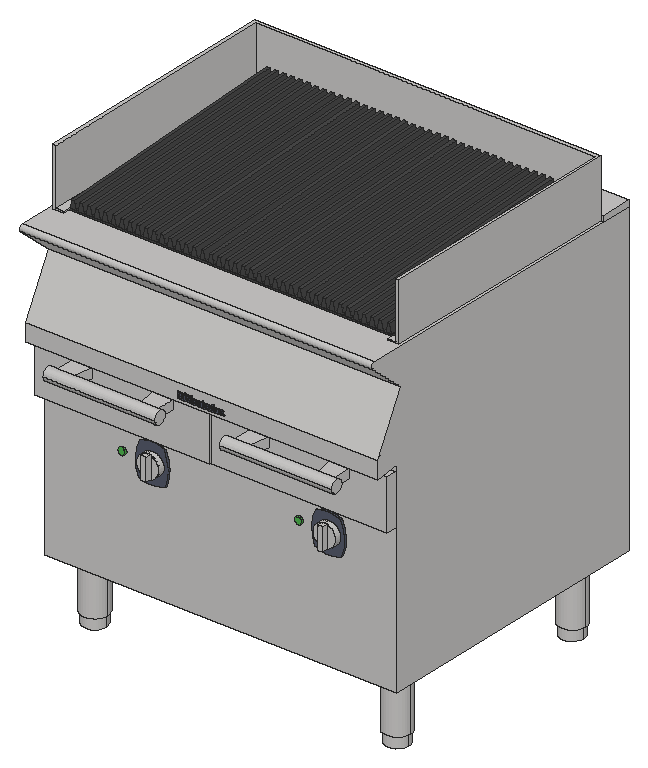
Revit family "QF_ELECTROLUXPROFESSIONAL_371238_E7GRGHGCFU", category Specialty Equipment, Revit 2018
Family settings
  Round Connector Dimension = Use Diameter
  Part Type = Normal
  Work Plane-Based = No
  Always vertical = Yes
  Cut with Voids When Loaded = No
  Shared = No
  Room Calculation Point = No
Parameters
  Width = 800.1 mm  # constant formula
  Weight in Pounds = 165  # constant formula
  Watts = 0 W
  URL Cutsheet = "www.electrolux.com/foodservice"
  URL = "www.electrolux.com/foodservice"
  Type Mark [instance] = ""
  Status [instance] = ""
  Specification by User [instance] = ""
  Specification by Manufacturer = ""
  Show Logo [instance] = yes
  Show Clearance [instance] = yes
  Serial Number = ""
  Seismic Rating = ""
  SMACNA No = ""
  Revision Code [instance] = ""
  Omniclass Number and Title = ""
  NAFEM Spec ID Number = ""
  Model = "371047"
  Mechanical Remarks = ""
  Mechanical Connection Type = ""
  Masterspec = ""
  Manufacturer = "ELECTROLUX"
  Item Number [instance] = ""
  Installed By [instance] = ""
  Identify Quantity as Lot [instance] = yes
  Height = 333.375 mm  # constant formula
  HP = "0 HP"
  Gas Size = 12.7 mm  # 1/2"
  Gas RI Height [instance] = 0 mm
  Gas KW = 16  # constant formula
  Gas Input [instance] = 15985.3 VA  # 54544.0 Btu/h
  Gas Connection Height = 0 mm
  Furnished By [instance] = ""
  Foodservice Equipment Identifier [instance] = yes
  Direct Waste Size = 0"
  Description = "700XP Full Module Freestanding Gas Char-Grill"
  Depth = 730.25 mm  # constant formula
  CSI MasterFormat = ""
  CSI Master Format = ""
  Base Height [instance] = 150 mm  # constant formula
  Assembly Code = ""
Reference planes
  plane 1 "BACK": y = 0
  plane 2: z = 0
  plane 3 "LEFT": x = 0
  plane 4 "RIGHT": x = 800.1
  plane 5 "FRONT": y = -730.25
  plane 6 "TOP": z = 982
  plane 7 "Center Y": x = 400.05
  plane 8 "Center X": y = -365.125
  plane 9 "BASE": z = 601
  plane 10 "TOP A": z = 851
  plane 11: y = -587.387
  plane 12: y = -90
  plane 13: z = 150
  plane 14: y = -754.062
Forms (mm)
  Extrusion 1, solid, material "QF_Finishes_Stainless Steel"
    sketch origin (0, 0, 0) x (0, 1, 0) y (0, 0, 1)
      loop
        line (0, 851) -> (-722.928, 851)
        arc (-722.928, 851) -> (-729.69, 846.314) -> (-727.679, 838.336) r 7.223
        line (-727.679, 838.336) -> (-646.919, 767.809) -> (-713.772, 646.19) -> (-713.772, 608.09) -> (-660.4, 613.7) -> (-660.4, 150) -> (0, 150) -> (0, 851)
    from 0 to 800.1
  Extrusion 2, solid, material "QF_Finishes_Clearance", visible <- "Show Clearance", detail levels coarse
    sketch origin (0, 0, 0) x (1, 0, 0) y (0, 1, 0)
      loop
        line (0, -730.25) -> (0, 0) -> (800.1, 0) -> (800.1, -730.25) -> (950.119, -730.25) -> (950.119, 150.019) -> (-150.019, 150.019) -> (-150.019, -730.25) -> (0, -730.25)
    from 0 to 982
  Revolve 3, solid, material "QF_Finishes_Stainless Steel"
    sketch origin (0, -587.387, 608.09) x (0, 0, 1) y (-1, 0, 0)
      loop
        line (-608.09, -56) -> (-458.09, -56) -> (-458.09, -26) -> (-583.09, -26) -> (-583.09, -29.75) -> (-608.09, -29.75) -> (-608.09, -56)
      axis (-608.09, -56) -> (-458.09, -56)
    angle from 0 to 360
  Revolve 4, solid, material "QF_Finishes_Stainless Steel"
    sketch origin (400.05, -587.387, 608.09) x (0, 0, 1) y (-1, 0, 0)
      loop
        line (-608.09, -344.05) -> (-608.09, -370.3) -> (-583.09, -370.3) -> (-583.09, -374.05) -> (-458.09, -374.05) -> (-458.09, -344.05) -> (-608.09, -344.05)
      axis (-608.09, -344.05) -> (-458.09, -344.05)
    angle from 0 to 360
  Revolve 5, solid, material "QF_Finishes_Stainless Steel"
    sketch origin (0, -90, 608.09) x (0, 0, 1) y (-1, 0, 0)
      loop
        line (-608.09, -56) -> (-458.09, -56) -> (-458.09, -26) -> (-583.09, -26) -> (-583.09, -29.75) -> (-608.09, -29.75) -> (-608.09, -56)
      axis (-608.09, -56) -> (-458.09, -56)
    angle from 0 to 360
  Revolve 6, solid, material "QF_Finishes_Stainless Steel"
    sketch origin (400.05, -90, 608.09) x (0, 0, 1) y (-1, 0, 0)
      loop
        line (-608.09, -344.05) -> (-608.09, -370.3) -> (-583.09, -370.3) -> (-583.09, -374.05) -> (-458.09, -374.05) -> (-458.09, -344.05) -> (-608.09, -344.05)
      axis (-608.09, -344.05) -> (-458.09, -344.05)
    angle from 0 to 360
  Extrusion 7, solid, material "QF_Finishes_Stainless Steel"
    sketch origin (-77.88, -4572, 150) x (-1, 0, 0) y (0, -1, 0)
      loop
        circle (-835.117, -4105.275) r 6.35
    from 3.2 to 0
  Extrusion 8, solid, material "QF_Finishes_Navy Blue"
    sketch origin (287.375, -660.4, 355.674) x (0, 0, 1) y (-1, 0, 0)
      loop
        arc (105.947, -332.692) -> (68.865, -323.711) -> (31.333, -330.573) r 91.844
        arc (31.333, -330.573) -> (24.206, -361.215) -> (31.333, -391.858) r 69.441
        arc (31.333, -391.858) -> (68.854, -398.569) -> (105.947, -389.79) r 93.759
        arc (105.947, -389.79) -> (112.176, -361.241) -> (105.947, -332.692) r 68.543
    from 0 to 3.175
  Extrusion 9, solid, material "QF_Finishes_Stainless Steel"
    sketch origin (488.625, -663.575, 355.674) x (0, 0, 1) y (-1, 0, 0)
      loop
        circle (68.826, -160.963) r 25.4
    from 0 to 12.7
  Extrusion 10, solid, material "QF_Finishes_Stainless Steel"
    sketch origin (488.625, -676.275, 355.674) x (0, 0, 1) y (-1, 0, 0)
      loop
        arc (93.558, -166.749) -> (94.226, -160.963) -> (93.558, -155.177) r 25.4
        line (93.558, -155.177) -> (44.094, -155.177)
        arc (44.094, -155.177) -> (43.426, -160.963) -> (44.094, -166.749) r 25.4
        line (44.094, -166.749) -> (93.558, -166.749)
    from 0 to 12.7
  Extrusion 11, solid, material "QF_Finishes_Stainless Steel"
    sketch origin (-77.88, -4572, 150) x (-1, 0, 0) y (0, -1, 0)
      loop
        circle (-812.98, -4071) r 6.35
    from 50 to 48.4
  Extrusion 12, solid, material "QF_Finishes_Stainless Steel"
    sketch origin (199.231, 0, -2.5) x (0, 1, 0) y (0, 0, 1)
      loop
        circle (-740.063, 582.209) r 14
    from -127 to 127
  Extrusion 13, solid, material "QF_Finishes_Stainless Steel"
    sketch origin (-23.75, 0, 567.009) x (-1, 0, 0) y (0, -1, 0)
      loop
        line (-109.731, 741.563) -> (-143.724, 741.563) -> (-153.724, 687.387) -> (-109.731, 687.387) -> (-109.731, 741.563)
      loop
        line (-336.231, 741.563) -> (-336.231, 687.387) -> (-292.238, 687.387) -> (-302.238, 741.563) -> (-336.231, 741.563)
      loop
        line (-737.869, 741.563) -> (-737.869, 687.387) -> (-693.876, 687.387) -> (-703.876, 741.563) -> (-737.869, 741.563)
      loop
        line (-511.369, 741.563) -> (-545.362, 741.563) -> (-555.362, 687.387) -> (-511.369, 687.387) -> (-511.369, 741.563)
    from 0 to 21.491
  Extrusion 14, solid, material "QF_Finishes_Green"
    sketch origin (212.375, -660.4, 355.674) x (0, 0, 1) y (-1, 0, 0)
      loop
        circle (69.533, -367.513) r 8
    from 0 to 3.175
  Sweep 15, solid, material "QF_Finishes_Stainless Steel"
    path origin (0, 0, 851) x (0, -1, 0) y (1, 0, 0)
      loop
        line (644.885, 787.4) -> (76.2, 787.4) -> (76.2, 12.7) -> (644.885, 12.7)
    profile origin (12.7, -360.542, 851) x (1, 0, 0) y (0, 0, 1)
      loop
        line (-6.35, 0) -> (19.05, 0) -> (19.05, 3.2) -> (0, 3.2) -> (0, 131) -> (-6.35, 131) -> (-6.35, 0)
  Extrusion 16, solid, material "QF_Finishes_Black"
    sketch origin (400.05, 0, 0) x (0, 1, 0) y (0, 0, 1)
      loop
        line (-629.41, 851) -> (-76.2, 851) -> (-76.2, 883.24) -> (-629.41, 854.99) -> (-629.41, 851)
    from -368.3 to 368.3
  Extrusion 17, solid, material "QF_Finishes_Stainless Steel"
    sketch origin (0, 0, 851) x (0, -1, 0) y (1, 0, 0)
      loop
        line (69.85, 0) -> (69.85, 800.1) -> (0, 800.1) -> (0, 0) -> (69.85, 0)
    from 0 to 12.5
  Extrusion 18, solid, material "QF_Finishes_Drawer Clearance", visible <- "Show Clearance", detail levels coarse
    sketch origin (0, -687.387, 601) x (0, 0, 1) y (-1, 0, 0)
      loop
        line (-113.268, -800.1) -> (0, -800.1) -> (0, 0) -> (-113.268, 0) -> (-113.268, -800.1)
    from 0 to 676.275
  Extrusion 19, solid, material "QF_Finishes_Navy Blue", visible <- "Show Logo"
    sketch origin (59.194, -713.772, 608.09) x (0, 0, 1) y (-1, 0, 0)
      loop
        line (20.674, -296.698) -> (8.307, -296.698)
        arc (8.307, -296.698) -> (14.491, -301.27) -> (20.674, -296.698) r 6.467
      loop
        arc (20.674, -296.069) -> (19.505, -290.926) -> (14.849, -288.448) r 6.338
        line (14.849, -288.448) -> (14.849, -290.494)
        arc (14.849, -290.494) -> (16.333, -294.149) -> (19.778, -296.069) r 5.941
        line (19.778, -296.069) -> (20.674, -296.069)
      loop
        arc (9.203, -296.069) -> (12.648, -294.149) -> (14.132, -290.494) r 5.941
        line (14.132, -290.494) -> (14.132, -288.448)
        arc (14.132, -288.448) -> (9.438, -290.922) -> (8.148, -296.069) r 6.504
        line (8.148, -296.069) -> (9.203, -296.069)
      loop
        line (21.349, -287.979) -> (7.604, -287.979) -> (7.604, -301.742) -> (21.349, -301.742) -> (21.349, -287.979)
      loop
        arc (21.432, -304.71) -> (21.085, -304.352) -> (20.718, -304.69) r 0.358
        arc (20.718, -304.69) -> (20.404, -305.44) -> (19.687, -305.825) r 1.216
        line (19.687, -305.825) -> (9.274, -305.825)
        arc (9.274, -305.825) -> (8.614, -305.548) -> (8.218, -304.951) r 1.238
        arc (8.218, -304.951) -> (7.823, -304.7) -> (7.518, -305.054) r 0.358
        line (7.518, -305.054) -> (7.518, -314.933) -> (10.269, -314.933) -> (10.269, -314.036)
        arc (10.269, -314.036) -> (9.36, -313.456) -> (8.904, -312.479) r 1.928
        line (8.904, -312.479) -> (8.904, -309.98)
        arc (8.904, -309.98) -> (9.18, -309.251) -> (9.868, -308.887) r 1.101
        line (9.868, -308.887) -> (13.955, -308.887) -> (13.955, -312.561)
        arc (13.955, -312.561) -> (13.602, -313.058) -> (13.037, -313.286) r 1.083
        arc (13.037, -313.286) -> (12.773, -313.591) -> (13.065, -313.869) r 0.292
        line (13.065, -313.869) -> (16.028, -313.869)
        arc (16.028, -313.869) -> (16.33, -313.596) -> (16.092, -313.266) r 0.305
        arc (16.092, -313.266) -> (15.601, -313.018) -> (15.296, -312.561) r 1.083
        line (15.296, -312.561) -> (15.296, -308.887) -> (19.973, -308.887) -> (19.973, -312.635)
        arc (19.973, -312.635) -> (19.759, -313.39) -> (19.153, -313.888) r 1.314
        arc (19.153, -313.888) -> (18.934, -314.292) -> (19.288, -314.585) r 0.361
        line (19.288, -314.585) -> (21.432, -314.585) -> (21.432, -304.71)
      loop
        arc (20.715, -315.365) -> (20.335, -316.284) -> (19.416, -316.664) r 1.299
        line (19.416, -316.664) -> (9.837, -316.664)
        arc (9.837, -316.664) -> (8.999, -316.286) -> (8.728, -315.408) r 1.118
        line (8.728, -315.408) -> (7.518, -315.408) -> (7.518, -320.758) -> (8.706, -320.758)
        arc (8.706, -320.758) -> (8.978, -319.841) -> (9.848, -319.445) r 1.153
        line (9.848, -319.445) -> (21.92, -319.445) -> (20.715, -315.365)
      loop
        line (12.483, -323.394) -> (12.483, -329.842) -> (13.282, -329.842)
        arc (13.282, -329.842) -> (15.862, -328.857) -> (17.131, -326.404) r 3.874
        line (17.131, -326.404) -> (17.131, -324.643)
        arc (17.131, -324.643) -> (15.944, -321.778) -> (13.08, -320.592) r 4.051
        line (13.08, -320.592) -> (11.072, -320.592)
        arc (11.072, -320.592) -> (8.253, -322.077) -> (7.202, -325.084) r 4.352
        arc (7.202, -325.084) -> (7.566, -327.547) -> (8.943, -329.621) r 5.713
        line (8.943, -329.621) -> (9.892, -329.621)
        arc (9.892, -329.621) -> (9.16, -328.052) -> (8.943, -326.334) r 5.579
        arc (8.943, -326.334) -> (9.737, -324.371) -> (11.616, -323.394) r 3.057
        line (11.616, -323.394) -> (12.483, -323.394)
      loop
        line (13.742, -323.394) -> (13.742, -326.977)
        arc (13.742, -326.977) -> (15.199, -327.024) -> (16.082, -325.864) r 1.59
        line (16.082, -325.864) -> (16.082, -325.034)
        arc (16.082, -325.034) -> (15.217, -323.779) -> (13.742, -323.394) r 2.184
      loop
        arc (16.533, -339.259) -> (17.022, -337.585) -> (17.179, -335.848) r 9.023
        line (17.179, -335.848) -> (17.179, -334.486)
        arc (17.179, -334.486) -> (16.02, -331.686) -> (13.22, -330.527) r 3.959
        line (13.22, -330.527) -> (10.62, -330.527)
        arc (10.62, -330.527) -> (8.338, -331.819) -> (7.221, -334.192) r 4.331
        line (7.221, -334.192) -> (7.221, -336.327)
        arc (7.221, -336.327) -> (7.729, -337.877) -> (8.651, -339.223) r 5.772
        arc (8.651, -339.223) -> (9.412, -339.274) -> (9.499, -338.515) r 0.553
        arc (9.499, -338.515) -> (9.111, -337.781) -> (8.977, -336.962) r 2.573
        line (8.977, -336.962) -> (8.977, -335.447)
        arc (8.977, -335.447) -> (9.983, -333.806) -> (11.798, -333.163) r 2.884
        line (11.798, -333.163) -> (13.077, -333.163)
        arc (13.077, -333.163) -> (14.898, -333.723) -> (15.824, -335.388) r 2.554
        line (15.824, -335.388) -> (15.824, -336.441)
        arc (15.824, -336.441) -> (15.493, -337.369) -> (14.836, -338.104) r 2.564
        arc (14.836, -338.104) -> (14.614, -338.821) -> (15.223, -339.259) r 0.643
        line (15.223, -339.259) -> (16.533, -339.259)
      loop
        line (15.515, -339.53) -> (15.515, -341.031) -> (9.467, -341.031)
        arc (9.467, -341.031) -> (7.879, -341.688) -> (7.221, -343.276) r 2.246
        line (7.221, -343.276) -> (7.221, -344.86)
        arc (7.221, -344.86) -> (7.535, -345.725) -> (8.035, -346.496) r 4.06
        arc (8.035, -346.496) -> (8.768, -346.629) -> (9.019, -345.928) r 0.576
        arc (9.019, -345.928) -> (8.913, -345.403) -> (8.977, -344.87) r 1.69
        arc (8.977, -344.87) -> (9.519, -344.082) -> (10.425, -343.779) r 1.506
        line (10.425, -343.779) -> (15.563, -343.779) -> (15.563, -346.176) -> (16.119, -346.733) -> (16.941, -346.733) -> (16.941, -343.873) -> (20.172, -343.873) -> (15.515, -339.53)
      loop
        line (7.438, -347.63) -> (7.438, -353.017) -> (8.548, -353.017)
        arc (8.548, -353.017) -> (8.942, -352.066) -> (9.893, -351.672) r 1.345
        line (9.893, -351.672) -> (13.509, -351.672)
        arc (13.509, -351.672) -> (14.274, -352.264) -> (14.564, -353.186) r 1.615
        line (14.564, -353.186) -> (14.564, -354.742) -> (17.119, -355.427) -> (17.119, -354.044) -> (15.177, -351.485) -> (17.057, -351.485) -> (16.773, -348.779)
        arc (16.773, -348.779) -> (16.333, -348.249) -> (15.674, -348.45) r 0.621
        arc (15.674, -348.45) -> (15.274, -348.792) -> (14.78, -348.975) r 1.501
        line (14.78, -348.975) -> (9.893, -348.975)
        arc (9.893, -348.975) -> (8.942, -348.581) -> (8.548, -347.63) r 1.345
        line (8.548, -347.63) -> (7.438, -347.63)
      loop
        line (13.54, -354.964) -> (10.848, -354.964)
        arc (10.848, -354.964) -> (8.403, -356.272) -> (7.269, -358.803) r 4.288
        arc (7.269, -358.803) -> (7.205, -360.183) -> (7.269, -361.563) r 15.022
        arc (7.269, -361.563) -> (8.403, -364.094) -> (10.848, -365.401) r 4.288
        line (10.848, -365.401) -> (13.54, -365.401)
        arc (13.54, -365.401) -> (15.986, -364.094) -> (17.119, -361.563) r 4.288
        arc (17.119, -361.563) -> (17.183, -360.183) -> (17.119, -358.803) r 15.022
        arc (17.119, -358.803) -> (15.986, -356.272) -> (13.54, -354.964) r 4.288
      loop
        line (13.745, -358.078) -> (10.643, -358.078)
        arc (10.643, -358.078) -> (8.486, -360.235) -> (10.643, -362.392) r 2.157
        line (10.643, -362.392) -> (13.745, -362.392)
        arc (13.745, -362.392) -> (15.902, -360.235) -> (13.745, -358.078) r 2.157
      loop
        arc (20.726, -365.26) -> (20.355, -366.154) -> (19.461, -366.524) r 1.264
        line (19.461, -366.524) -> (9.597, -366.524)
        arc (9.597, -366.524) -> (8.727, -366.127) -> (8.455, -365.211) r 1.153
        line (8.455, -365.211) -> (7.518, -365.211) -> (7.518, -370.319) -> (8.446, -370.319)
        arc (8.446, -370.319) -> (8.805, -369.547) -> (9.597, -369.232) r 1.153
        line (9.597, -369.232) -> (21.92, -369.232) -> (20.726, -365.26)
      loop
        arc (15.846, -369.857) -> (15.647, -370.921) -> (14.678, -371.403) r 1.215
        line (14.678, -371.403) -> (9.658, -371.403)
        arc (9.658, -371.403) -> (8.043, -372.051) -> (7.322, -373.634) r 2.338
        line (7.322, -373.634) -> (7.322, -375.148)
        arc (7.322, -375.148) -> (7.497, -376.152) -> (7.999, -377.038) r 2.979
        line (7.999, -377.038) -> (7.518, -378.835) -> (7.518, -380.524) -> (16.943, -380.524) -> (16.649, -376.32) -> (15.863, -376.32)
        arc (15.863, -376.32) -> (15.507, -377.156) -> (14.755, -377.665) r 1.605
        line (14.755, -377.665) -> (9.652, -377.665)
        arc (9.652, -377.665) -> (9.232, -376.728) -> (9.159, -375.704) r 2.94
        arc (9.159, -375.704) -> (9.72, -374.603) -> (10.873, -374.16) r 1.724
        line (10.873, -374.16) -> (17.07, -374.16) -> (15.846, -369.857)
      loop
        line (16.874, -381.377) -> (15.202, -383.423) -> (12.028, -385.729) -> (8.572, -382.617)
        arc (8.572, -382.617) -> (8.335, -382.223) -> (8.357, -381.764) r 0.789
        line (8.357, -381.764) -> (7.518, -381.764) -> (7.518, -385.309) -> (8.344, -385.309)
        arc (8.344, -385.309) -> (8.686, -384.947) -> (9.176, -385.039) r 0.52
        line (9.176, -385.039) -> (10.976, -386.51) -> (8.858, -387.886)
        arc (8.858, -387.886) -> (8.457, -387.576) -> (8.37, -387.076) r 0.7
        line (8.37, -387.076) -> (7.518, -387.076) -> (7.518, -393.003) -> (8.405, -393.003)
        arc (8.405, -393.003) -> (8.472, -392.344) -> (8.866, -391.813) r 1.247
        line (8.866, -391.813) -> (13.066, -388.532) -> (15.513, -390.585) -> (16.874, -392.327) -> (16.874, -388.604) -> (15.389, -389.026) -> (13.868, -387.749) -> (15.568, -386.559) -> (16.874, -387.336) -> (16.874, -381.377)
    from 0 to 1.644
  Extrusion 20, solid, material "QF_Finishes_Stainless Steel"
    sketch origin (0, -660.4, 601) x (0, 0, 1) y (-1, 0, 0)
      loop
        line (0, -398.462) -> (0, 0) -> (-113.268, 0) -> (-113.268, -398.462) -> (0, -398.462)
      loop
        line (0, -401.638) -> (-113.268, -401.638) -> (-113.268, -800.1) -> (0, -800.1) -> (0, -401.638)
    from 1.588 to 26.988
  Extrusion 21, solid, material "QF_Finishes_Stainless Steel"
    sketch origin (600.869, 0, -2.5) x (0, 1, 0) y (0, 0, -1)
      loop
        circle (-740.063, -582.209) r 14
    from -127 to 127
  Extrusion 22, solid, material "QF_Finishes_Navy Blue"
    sketch origin (-114.262, -660.4, 355.674) x (0, 0, 1) y (-1, 0, 0)
      loop
        arc (105.947, -332.692) -> (68.865, -323.711) -> (31.333, -330.573) r 91.844
        arc (31.333, -330.573) -> (24.206, -361.215) -> (31.333, -391.858) r 69.441
        arc (31.333, -391.858) -> (68.854, -398.569) -> (105.947, -389.79) r 93.759
        arc (105.947, -389.79) -> (112.176, -361.241) -> (105.947, -332.692) r 68.543
    from 0 to 3.175
  Extrusion 23, solid, material "QF_Finishes_Stainless Steel"
    sketch origin (86.988, -663.575, 355.674) x (0, 0, 1) y (-1, 0, 0)
      loop
        circle (68.826, -160.963) r 25.4
    from 0 to 12.7
  Extrusion 24, solid, material "QF_Finishes_Stainless Steel"
    sketch origin (86.988, -676.275, 355.674) x (0, 0, 1) y (-1, 0, 0)
      loop
        arc (93.558, -166.749) -> (94.226, -160.963) -> (93.558, -155.177) r 25.4
        line (93.558, -155.177) -> (44.094, -155.177)
        arc (44.094, -155.177) -> (43.426, -160.963) -> (44.094, -166.749) r 25.4
        line (44.094, -166.749) -> (93.558, -166.749)
    from 0 to 12.7
  Extrusion 25, solid, material "QF_Finishes_Green"
    sketch origin (-189.262, -660.4, 355.674) x (0, 0, 1) y (-1, 0, 0)
      loop
        circle (69.533, -367.513) r 8
    from 0 to 3.175
Cuts and joins
  joined: Extrusion 12, Extrusion 13, Extrusion 21
Lines and regions (mm)
  symbolic lines, style "QF-Clearances", visible <- "Show Clearance", detail levels coarse
    curve 1: line (-150.019, 150.019, 851) -> (-150.019, -731.627, 851)
    curve 2: line (950.119, 150.019, 851) -> (-150.019, 150.019, 851)
    curve 3: line (950.119, -731.627, 851) -> (950.119, 150.019, 851)
  symbolic lines
    curve 4: line (0, 0, 851) -> (800.1, 0, 851)
    curve 5: line (0, -730.25, 851) -> (0, 0, 851)
    curve 6: line (800.1, 0, 851) -> (800.1, -730.25, 851)
    curve 7: line (0, -69.85, 851) -> (0, -63.012, 851)
    curve 8: line (800.1, -730.25, 851) -> (0, -730.25, 851)
    curve 9: line (0, -69.85, 851) -> (800.1, -69.85, 851)
    curve 20: line (31.75, -644.885, 851) -> (31.75, -76.2, 851)
    curve 21: line (768.35, -76.2, 851) -> (768.35, -644.885, 851)
    curve 22: line (72.231, -754.063, 851) -> (326.231, -754.063, 851)
    curve 23: line (72.231, -730.25, 851) -> (72.231, -754.063, 851)
    curve 24: line (326.231, -754.063, 851) -> (326.231, -730.25, 851)
    curve 25: line (31.75, -629.41, 851) -> (768.35, -629.41, 851)
    curve 26: line (727.869, -754.063, 851) -> (473.869, -754.063, 851)
    curve 27: line (727.869, -730.25, 851) -> (727.869, -754.063, 851)
    curve 28: line (473.869, -754.063, 851) -> (473.869, -730.25, 851)
  symbolic lines, style "QF_Drawer Clearance"
    curve 10: line (0, -730.25, 851) -> (0, -1363.662, 851)
    curve 11: line (0, -1363.662, 851) -> (800.1, -1363.662, 851)
    curve 12: line (800.1, -1363.662, 851) -> (800.1, -730.25, 851)
  symbolic lines, style "SpecialityEquipment"
    curve 13: line (6.35, -69.85, 851) -> (6.35, -644.885, 851)
    curve 14: line (6.35, -644.885, 851) -> (31.75, -644.885, 851)
    curve 15: line (12.7, -644.885, 851) -> (12.7, -76.2, 851)
    curve 16: line (12.7, -76.2, 851) -> (787.4, -76.2, 851)
    curve 17: line (787.4, -76.2, 851) -> (787.4, -644.885, 851)
    curve 18: line (768.35, -644.885, 851) -> (793.75, -644.885, 851)
    curve 19: line (793.75, -644.885, 851) -> (793.75, -69.85, 851)
Dimensions and locks
  equal spacing: plane 3 "LEFT", plane 7 "Center Y", plane 4 "RIGHT"
  "Width": plane 3 "LEFT" to plane 4 "RIGHT"
  equal spacing: plane 5 "FRONT", plane 8 "Center X", plane 1 "BACK"
  "Depth": plane 5 "FRONT" to plane 1 "BACK"
  plane 1 "BACK" to plane 5 "FRONT" = 730.25 mm
  locked: plane 10 "TOP A" to plane 9 "BASE" at 250
  "Base Height": plane 13 to level
  Extrusion 7 sketch curve to plane 1 "BACK" = 466.725 mm
  Extrusion 7 sketch curve to plane 4 "RIGHT" = 42.862 mm
  plane 6 "TOP" to level = 982 mm
  plane 1 "BACK" to plane 14 = 754.063 mm
  equal spacing: group 1, group 3, group 4, group 5, group 6, group 7, group 8, group 9, group 10, group 11, group 12, group 13, group 14, group 15, group 16, group 17, group 18, group 19, group 20, group 21, group 22, group 23, group 24, group 25, group 26, group 27, group 28, group 29, group 30, group 31, group 32, group 33, group 34, group 35, group 36, group 37, group 38, group 39, group 40, group 2  (x3)
  aligned and locked: level to plane 2
  aligned and locked: plane 4 "RIGHT" to Extrusion 1
  aligned and locked: plane 6 "TOP" to Extrusion 2
Automatic sketch dimensions
  Revolve 3 sketch curve to level = 0 mm
  Revolve 3 sketch curve to plane 13 = 0 mm  (x2)
  level to Revolve 3 sketch curve = 25 mm
  Revolve 3 sketch curve to Revolve 3 sketch curve = 20 mm
  plane 3 "LEFT" to Revolve 3 sketch curve = 56 mm
  Revolve 3 sketch curve to Revolve 3 sketch curve = 0 mm
  plane 3 "LEFT" to Revolve 3 sketch curve = 29.75 mm
  plane 3 "LEFT" to Revolve 3 sketch curve = 26 mm
  Revolve 5 sketch curve to level = 0 mm
  Revolve 5 sketch curve to plane 13 = 0 mm  (x2)
  level to Revolve 5 sketch curve = 25 mm
  Revolve 5 sketch curve to Revolve 5 sketch curve = 20 mm
  plane 3 "LEFT" to Revolve 5 sketch curve = 56 mm
  Revolve 5 sketch curve to Revolve 5 sketch curve = 0 mm
  plane 3 "LEFT" to Revolve 5 sketch curve = 29.75 mm
  plane 3 "LEFT" to Revolve 5 sketch curve = 26 mm
  Extrusion 10 sketch curve to Extrusion 10 sketch curve = 24.732 mm
  Extrusion 10 sketch curve to Extrusion 10 sketch curve = 0 mm
  plane 5 "FRONT" to Extrusion 12 sketch curve = 9.813 mm
  Extrusion 12 sketch curve to plane 9 "BASE" = 21.291 mm
  Extrusion 14 sketch curve to plane 9 "BASE" = 175.792 mm
  plane 7 "Center Y" to Extrusion 14 sketch curve = 179.839 mm
  Extrusion 16 sketch curve to plane 10 "TOP A" = 0 mm
  plane 11 to Extrusion 16 sketch curve = 42.023 mm
  Extrusion 16 sketch curve to plane 12 = 13.8 mm
  Extrusion 16 sketch curve to Extrusion 16 sketch curve = 3.99 mm
  Extrusion 16 sketch curve to Extrusion 16 sketch curve = 32.24 mm
  plane 9 "BASE" to Extrusion 19 sketch curve = 9.251 mm
  plane 9 "BASE" to Extrusion 19 sketch curve = 14.292 mm
  plane 7 "Center Y" to Extrusion 19 sketch curve = 4.003 mm
  plane 9 "BASE" to Extrusion 19 sketch curve = 14.311 mm
  Extrusion 19 sketch curve to Extrusion 19 sketch curve = 0 mm  (x28)
  Extrusion 19 sketch curve to Extrusion 19 sketch curve = 5.108 mm  (x2)
  Extrusion 19 sketch curve to Extrusion 19 sketch curve = 0.054 mm
  Extrusion 19 sketch curve to Extrusion 19 sketch curve = 0.218 mm
  Extrusion 19 sketch curve to Extrusion 19 sketch curve = 0.195 mm
  Extrusion 19 sketch curve to Extrusion 19 sketch curve = 0.249 mm
  plane 9 "BASE" to Extrusion 19 sketch curve = 14.608 mm
  Extrusion 19 sketch curve to Extrusion 19 sketch curve = 0.087 mm
  Extrusion 19 sketch curve to Extrusion 19 sketch curve = 0.358 mm
  Extrusion 19 sketch curve to Extrusion 19 sketch curve = 0.481 mm
  Extrusion 19 sketch curve to Extrusion 19 sketch curve = 0.597 mm
  Extrusion 19 sketch curve to Extrusion 19 sketch curve = 0.544 mm
  Extrusion 19 sketch curve to Extrusion 19 sketch curve = 0.936 mm
  Extrusion 19 sketch curve to Extrusion 19 sketch curve = 0.594 mm
  Extrusion 19 sketch curve to Extrusion 19 sketch curve = 0.343 mm
  Extrusion 19 sketch curve to Extrusion 19 sketch curve = 0.159 mm
  Extrusion 19 sketch curve to Extrusion 19 sketch curve = 0.826 mm
  Extrusion 19 sketch curve to Extrusion 19 sketch curve = 0.839 mm
  Extrusion 19 sketch curve to Extrusion 19 sketch curve = 0.852 mm
  Extrusion 19 sketch curve to Extrusion 19 sketch curve = 0.887 mm
  Extrusion 19 sketch curve to Extrusion 19 sketch curve = 0.928 mm
  Extrusion 19 sketch curve to Extrusion 19 sketch curve = 0.938 mm
  Extrusion 19 sketch curve to Extrusion 19 sketch curve = 0.444 mm
  Extrusion 19 sketch curve to Extrusion 19 sketch curve = 1.11 mm  (x3)
  Extrusion 19 sketch curve to Extrusion 19 sketch curve = 0.215 mm
  Extrusion 19 sketch curve to plane 7 "Center Y" = 1.633 mm
  Extrusion 19 sketch curve to Extrusion 19 sketch curve = 1.43 mm
  Extrusion 19 sketch curve to Extrusion 19 sketch curve = 1.188 mm
  Extrusion 19 sketch curve to Extrusion 19 sketch curve = 1.21 mm  (x2)
  Extrusion 19 sketch curve to Extrusion 19 sketch curve = 0.503 mm
  Extrusion 19 sketch curve to Extrusion 19 sketch curve = 0.488 mm
  Extrusion 19 sketch curve to Extrusion 19 sketch curve = 0.462 mm
  Extrusion 19 sketch curve to Extrusion 19 sketch curve = 1.386 mm
  Extrusion 19 sketch curve to Extrusion 19 sketch curve = 1.742 mm  (x2)
  Extrusion 19 sketch curve to Extrusion 19 sketch curve = 0.821 mm
  Extrusion 19 sketch curve to Extrusion 19 sketch curve = 0.497 mm
  Extrusion 19 sketch curve to Extrusion 19 sketch curve = 0.539 mm
  Extrusion 19 sketch curve to Extrusion 19 sketch curve = 0.686 mm
  Extrusion 19 sketch curve to Extrusion 19 sketch curve = 0.408 mm
  Extrusion 19 sketch curve to Extrusion 19 sketch curve = 0.743 mm
  Extrusion 19 sketch curve to Extrusion 19 sketch curve = 1.16 mm
  Extrusion 19 sketch curve to Extrusion 19 sketch curve = 0.329 mm
  Extrusion 19 sketch curve to Extrusion 19 sketch curve = 1.054 mm
  Extrusion 19 sketch curve to Extrusion 19 sketch curve = 1.056 mm
  Extrusion 19 sketch curve to Extrusion 19 sketch curve = 0.129 mm
  Extrusion 19 sketch curve to Extrusion 19 sketch curve = 0.489 mm
  Extrusion 19 sketch curve to Extrusion 19 sketch curve = 0.441 mm
  Extrusion 19 sketch curve to Extrusion 19 sketch curve = 1.151 mm
  Extrusion 19 sketch curve to Extrusion 19 sketch curve = 1.141 mm  (x2)
  Extrusion 19 sketch curve to Extrusion 19 sketch curve = 0.768 mm
  Extrusion 19 sketch curve to Extrusion 19 sketch curve = 1.653 mm
  Extrusion 19 sketch curve to Extrusion 19 sketch curve = 0.499 mm
  Extrusion 19 sketch curve to Extrusion 19 sketch curve = 0.964 mm
  Extrusion 19 sketch curve to Extrusion 19 sketch curve = 0.949 mm
  Extrusion 19 sketch curve to Extrusion 19 sketch curve = 1.345 mm  (x2)
  Extrusion 19 sketch curve to Extrusion 19 sketch curve = 0.137 mm  (x2)
  Extrusion 19 sketch curve to Extrusion 19 sketch curve = 0.432 mm
  Extrusion 19 sketch curve to Extrusion 19 sketch curve = 1.142 mm
  Extrusion 19 sketch curve to Extrusion 19 sketch curve = 0.959 mm
  Extrusion 19 sketch curve to Extrusion 19 sketch curve = 0.176 mm
  Extrusion 19 sketch curve to Extrusion 19 sketch curve = 0.728 mm
  Extrusion 19 sketch curve to Extrusion 19 sketch curve = 3.375 mm  (x2)
  Extrusion 19 sketch curve to Extrusion 19 sketch curve = 1.905 mm
  Extrusion 19 sketch curve to Extrusion 19 sketch curve = 0.955 mm
  Extrusion 19 sketch curve to Extrusion 19 sketch curve = 1.251 mm
  Extrusion 19 sketch curve to Extrusion 19 sketch curve = 0.572 mm
  Extrusion 19 sketch curve to Extrusion 19 sketch curve = 1.92 mm
  Extrusion 19 sketch curve to Extrusion 19 sketch curve = 1.224 mm
  Extrusion 19 sketch curve to Extrusion 19 sketch curve = 0.745 mm
  Extrusion 19 sketch curve to Extrusion 19 sketch curve = 2.537 mm
  Extrusion 19 sketch curve to Extrusion 19 sketch curve = 0.896 mm  (x3)
  Extrusion 19 sketch curve to Extrusion 19 sketch curve = 0.036 mm
  Extrusion 19 sketch curve to Extrusion 19 sketch curve = 2.607 mm
  Extrusion 19 sketch curve to Extrusion 19 sketch curve = 0.066 mm
  Extrusion 19 sketch curve to Extrusion 19 sketch curve = 0.248 mm
  Extrusion 19 sketch curve to Extrusion 19 sketch curve = 0.449 mm
  Extrusion 19 sketch curve to Extrusion 19 sketch curve = 1.052 mm
  Extrusion 19 sketch curve to Extrusion 19 sketch curve = 1.863 mm
  Extrusion 19 sketch curve to Extrusion 19 sketch curve = 1.31 mm  (x2)
  Extrusion 19 sketch curve to Extrusion 19 sketch curve = 0.901 mm
  Extrusion 19 sketch curve to Extrusion 19 sketch curve = 1.107 mm
  Extrusion 19 sketch curve to Extrusion 19 sketch curve = 2.122 mm
  Extrusion 19 sketch curve to Extrusion 19 sketch curve = 2.101 mm
  Extrusion 19 sketch curve to Extrusion 19 sketch curve = 0.106 mm
  Extrusion 19 sketch curve to Extrusion 19 sketch curve = 0.029 mm
  Extrusion 19 sketch curve to Extrusion 19 sketch curve = 2.09 mm
  Extrusion 19 sketch curve to Extrusion 19 sketch curve = 1.279 mm
  Extrusion 19 sketch curve to Extrusion 19 sketch curve = 2.008 mm
  Extrusion 19 sketch curve to Extrusion 19 sketch curve = 0.738 mm
  Extrusion 19 sketch curve to Extrusion 19 sketch curve = 0.382 mm
  Extrusion 19 sketch curve to Extrusion 19 sketch curve = 0.384 mm
  Extrusion 19 sketch curve to Extrusion 19 sketch curve = 0.002 mm
  Extrusion 19 sketch curve to Extrusion 19 sketch curve = 0.561 mm
  Extrusion 19 sketch curve to Extrusion 19 sketch curve = 0.592 mm
  Extrusion 19 sketch curve to Extrusion 19 sketch curve = 2.692 mm
  Extrusion 19 sketch curve to Extrusion 19 sketch curve = 1.259 mm
  Extrusion 19 sketch curve to Extrusion 19 sketch curve = 0.802 mm
  Extrusion 19 sketch curve to Extrusion 19 sketch curve = 1.024 mm  (x2)
  Extrusion 19 sketch curve to Extrusion 19 sketch curve = 0.682 mm
  Extrusion 19 sketch curve to Extrusion 19 sketch curve = 5.934 mm
  Extrusion 19 sketch curve to Extrusion 19 sketch curve = 2.186 mm
  Extrusion 19 sketch curve to Extrusion 19 sketch curve = 0.337 mm
  Extrusion 19 sketch curve to Extrusion 19 sketch curve = 0.021 mm
  Extrusion 19 sketch curve to Extrusion 19 sketch curve = 1.005 mm
  Extrusion 19 sketch curve to Extrusion 19 sketch curve = 0.552 mm
  Extrusion 19 sketch curve to Extrusion 19 sketch curve = 0.778 mm
  Extrusion 19 sketch curve to Extrusion 19 sketch curve = 0.063 mm
  Extrusion 19 sketch curve to Extrusion 19 sketch curve = 1.023 mm
  Extrusion 19 sketch curve to Extrusion 19 sketch curve = 3.804 mm
  Extrusion 19 sketch curve to Extrusion 19 sketch curve = 0.486 mm
  Extrusion 19 sketch curve to Extrusion 19 sketch curve = 0.266 mm  (x2)
  Extrusion 19 sketch curve to Extrusion 19 sketch curve = 1.547 mm
  Extrusion 19 sketch curve to Extrusion 19 sketch curve = 0.717 mm  (x2)
  Extrusion 19 sketch curve to Extrusion 19 sketch curve = 1.667 mm
  Extrusion 19 sketch curve to Extrusion 19 sketch curve = 3.174 mm
  Extrusion 19 sketch curve to Extrusion 19 sketch curve = 0.388 mm
  Extrusion 19 sketch curve to Extrusion 19 sketch curve = 1.342 mm
  Extrusion 19 sketch curve to Extrusion 19 sketch curve = 1.521 mm
  Extrusion 19 sketch curve to Extrusion 19 sketch curve = 0.124 mm
  Extrusion 19 sketch curve to Extrusion 19 sketch curve = 0.291 mm
  plane 7 "Center Y" to Extrusion 19 sketch curve = 5.32 mm
  Extrusion 19 sketch curve to Extrusion 19 sketch curve = 1.049 mm  (x2)
  Extrusion 19 sketch curve to Extrusion 19 sketch curve = 1.7 mm
  Extrusion 19 sketch curve to Extrusion 19 sketch curve = 0.894 mm
  Extrusion 19 sketch curve to Extrusion 19 sketch curve = 0.989 mm
  Extrusion 19 sketch curve to Extrusion 19 sketch curve = 1.168 mm
  Extrusion 19 sketch curve to Extrusion 19 sketch curve = 1.594 mm
  Extrusion 19 sketch curve to Extrusion 19 sketch curve = 0.731 mm
  Extrusion 19 sketch curve to Extrusion 19 sketch curve = 1.566 mm
  Extrusion 19 sketch curve to Extrusion 19 sketch curve = 0.064 mm
  plane 7 "Center Y" to Extrusion 19 sketch curve = 5.876 mm
  Extrusion 19 sketch curve to Extrusion 19 sketch curve = 0.556 mm  (x2)
  Extrusion 19 sketch curve to Extrusion 19 sketch curve = 0.48 mm
  Extrusion 19 sketch curve to Extrusion 19 sketch curve = 1.018 mm
  Extrusion 19 sketch curve to Extrusion 19 sketch curve = 0.787 mm
  Extrusion 19 sketch curve to Extrusion 19 sketch curve = 0.618 mm
  Extrusion 19 sketch curve to Extrusion 19 sketch curve = 1.672 mm
  Extrusion 19 sketch curve to Extrusion 19 sketch curve = 1.361 mm
  Extrusion 19 sketch curve to Extrusion 19 sketch curve = 0.822 mm
  Extrusion 19 sketch curve to Extrusion 19 sketch curve = 0.069 mm
  Extrusion 19 sketch curve to Extrusion 19 sketch curve = 1.88 mm
  Extrusion 19 sketch curve to Extrusion 19 sketch curve = 0.42 mm
  Extrusion 19 sketch curve to Extrusion 19 sketch curve = 0.062 mm
  Extrusion 19 sketch curve to Extrusion 19 sketch curve = 1.355 mm
  Extrusion 19 sketch curve to Extrusion 19 sketch curve = 2.34 mm
  Extrusion 19 sketch curve to Extrusion 19 sketch curve = 0.493 mm
  Extrusion 19 sketch curve to Extrusion 19 sketch curve = 0.136 mm
  Extrusion 19 sketch curve to Extrusion 19 sketch curve = 0.128 mm
  Extrusion 19 sketch curve to Extrusion 19 sketch curve = 3.616 mm
  Extrusion 19 sketch curve to Extrusion 19 sketch curve = 4.207 mm
  Extrusion 19 sketch curve to Extrusion 19 sketch curve = 0.183 mm
  Extrusion 19 sketch curve to Extrusion 19 sketch curve = 0.895 mm
  Extrusion 19 sketch curve to Extrusion 19 sketch curve = 1.314 mm
  Extrusion 19 sketch curve to Extrusion 19 sketch curve = 3.231 mm
  Extrusion 19 sketch curve to Extrusion 19 sketch curve = 1.299 mm
  Extrusion 19 sketch curve to Extrusion 19 sketch curve = 1.214 mm
  Extrusion 19 sketch curve to Extrusion 19 sketch curve = 1.264 mm
  Extrusion 19 sketch curve to Extrusion 19 sketch curve = 0.109 mm
  Extrusion 19 sketch curve to Extrusion 19 sketch curve = 0.357 mm
  Extrusion 19 sketch curve to Extrusion 19 sketch curve = 0.565 mm
  Extrusion 19 sketch curve to Extrusion 19 sketch curve = 2.504 mm
  Extrusion 19 sketch curve to Extrusion 19 sketch curve = 2.459 mm
  Extrusion 19 sketch curve to Extrusion 19 sketch curve = 1.322 mm
  Extrusion 19 sketch curve to Extrusion 19 sketch curve = 2.77 mm
  Extrusion 19 sketch curve to Extrusion 19 sketch curve = 2.51 mm
  Extrusion 19 sketch curve to Extrusion 19 sketch curve = 0.187 mm
  Extrusion 19 sketch curve to Extrusion 19 sketch curve = 2.559 mm
  Extrusion 19 sketch curve to Extrusion 19 sketch curve = 1.556 mm
  Extrusion 19 sketch curve to Extrusion 19 sketch curve = 0.222 mm
  Extrusion 19 sketch curve to Extrusion 19 sketch curve = 1.383 mm
  Extrusion 19 sketch curve to Extrusion 19 sketch curve = 3.114 mm
  Extrusion 19 sketch curve to Extrusion 19 sketch curve = 3.376 mm
  Extrusion 19 sketch curve to Extrusion 19 sketch curve = 0.934 mm
  Extrusion 19 sketch curve to Extrusion 19 sketch curve = 0.191 mm
  Extrusion 19 sketch curve to Extrusion 19 sketch curve = 3.696 mm
  Extrusion 19 sketch curve to Extrusion 19 sketch curve = 2.708 mm
  Extrusion 19 sketch curve to Extrusion 19 sketch curve = 3.333 mm
  Extrusion 19 sketch curve to Extrusion 19 sketch curve = 0.332 mm
  Extrusion 19 sketch curve to Extrusion 19 sketch curve = 1.087 mm
  Extrusion 19 sketch curve to Extrusion 19 sketch curve = 2.23 mm
  Extrusion 19 sketch curve to Extrusion 19 sketch curve = 2.757 mm
  Extrusion 19 sketch curve to Extrusion 19 sketch curve = 0.987 mm
  Extrusion 19 sketch curve to Extrusion 19 sketch curve = 1.529 mm
  Extrusion 19 sketch curve to Extrusion 19 sketch curve = 1.796 mm
  Extrusion 19 sketch curve to Extrusion 19 sketch curve = 2.859 mm
  Extrusion 19 sketch curve to Extrusion 19 sketch curve = 0.853 mm
  Extrusion 19 sketch curve to Extrusion 19 sketch curve = 1.241 mm
  Extrusion 19 sketch curve to Extrusion 19 sketch curve = 2.046 mm  (x2)
  Extrusion 19 sketch curve to Extrusion 19 sketch curve = 2.422 mm
  Extrusion 19 sketch curve to Extrusion 19 sketch curve = 0.27 mm  (x2)
  Extrusion 19 sketch curve to Extrusion 19 sketch curve = 0.69 mm
  Extrusion 19 sketch curve to Extrusion 19 sketch curve = 0.781 mm  (x2)
  Extrusion 19 sketch curve to Extrusion 19 sketch curve = 3.136 mm
  Extrusion 19 sketch curve to Extrusion 19 sketch curve = 1.767 mm
  Extrusion 19 sketch curve to Extrusion 19 sketch curve = 0.138 mm
  Extrusion 19 sketch curve to Extrusion 19 sketch curve = 0.777 mm
  Extrusion 19 sketch curve to Extrusion 19 sketch curve = 1.19 mm
  Extrusion 19 sketch curve to Extrusion 19 sketch curve = 0.782 mm
  Extrusion 19 sketch curve to Extrusion 19 sketch curve = 1.268 mm
  Extrusion 19 sketch curve to Extrusion 19 sketch curve = 0.422 mm  (x2)
  Extrusion 19 sketch curve to Extrusion 19 sketch curve = 1.559 mm
  Extrusion 19 sketch curve to Extrusion 19 sketch curve = 3.927 mm
  Extrusion 19 sketch curve to Extrusion 19 sketch curve = 0.983 mm
  Extrusion 19 sketch curve to Extrusion 19 sketch curve = 1.134 mm
  Extrusion 19 sketch curve to Extrusion 19 sketch curve = 0.094 mm
  Extrusion 19 sketch curve to Extrusion 19 sketch curve = 1.584 mm
  Extrusion 19 sketch curve to plane 7 "Center Y" = 1.327 mm
  Extrusion 19 sketch curve to Extrusion 19 sketch curve = 0.643 mm
  Extrusion 19 sketch curve to Extrusion 19 sketch curve = 0.916 mm
  Extrusion 19 sketch curve to Extrusion 19 sketch curve = 0.352 mm
  Extrusion 19 sketch curve to Extrusion 19 sketch curve = 0.458 mm
  Extrusion 19 sketch curve to Extrusion 19 sketch curve = 1.282 mm
  Extrusion 19 sketch curve to Extrusion 19 sketch curve = 1.363 mm
  Extrusion 19 sketch curve to Extrusion 19 sketch curve = 0.685 mm
  Extrusion 19 sketch curve to Extrusion 19 sketch curve = 0.905 mm
  Extrusion 19 sketch curve to Extrusion 19 sketch curve = 2.865 mm
  Extrusion 19 sketch curve to Extrusion 19 sketch curve = 0.472 mm
  Extrusion 19 sketch curve to Extrusion 19 sketch curve = 0.101 mm
  Extrusion 19 sketch curve to Extrusion 19 sketch curve = 0.54 mm
  Extrusion 19 sketch curve to Extrusion 19 sketch curve = 0.02 mm
  Extrusion 19 sketch curve to Extrusion 19 sketch curve = 0.468 mm
  Extrusion 19 sketch curve to Extrusion 19 sketch curve = 0.829 mm
  Extrusion 19 sketch curve to Extrusion 19 sketch curve = 0.582 mm
  Extrusion 19 sketch curve to Extrusion 19 sketch curve = 0.166 mm
  Extrusion 19 sketch curve to Extrusion 19 sketch curve = 0.16 mm
  Extrusion 19 sketch curve to Extrusion 19 sketch curve = 2.781 mm
  Extrusion 19 sketch curve to Extrusion 19 sketch curve = 1.118 mm
  Extrusion 19 sketch curve to Extrusion 19 sketch curve = 0.613 mm
  Extrusion 19 sketch curve to Extrusion 19 sketch curve = 0.361 mm
  Extrusion 19 sketch curve to Extrusion 19 sketch curve = 0.897 mm
  Extrusion 19 sketch curve to Extrusion 19 sketch curve = 0.167 mm
  Extrusion 19 sketch curve to Extrusion 19 sketch curve = 0.292 mm
  Extrusion 19 sketch curve to Extrusion 19 sketch curve = 0.305 mm
  Extrusion 19 sketch curve to Extrusion 19 sketch curve = 1.557 mm
  Extrusion 19 sketch curve to Extrusion 19 sketch curve = 2.499 mm
  Extrusion 19 sketch curve to Extrusion 19 sketch curve = 3.062 mm
  Extrusion 19 sketch curve to Extrusion 19 sketch curve = 2.968 mm
  Extrusion 19 sketch curve to Extrusion 19 sketch curve = 5.044 mm
  Extrusion 19 sketch curve to Extrusion 19 sketch curve = 0.629 mm  (x2)
  Extrusion 19 sketch curve to Extrusion 19 sketch curve = 1.131 mm
  Extrusion 19 sketch curve to Extrusion 19 sketch curve = 0.027 mm
  Extrusion 19 sketch curve to Extrusion 19 sketch curve = 2.235 mm
  plane 5 "FRONT" to Extrusion 21 sketch curve = 9.813 mm
  Extrusion 21 sketch curve to plane 9 "BASE" = 21.291 mm
  Extrusion 22 sketch curve to plane 9 "BASE" = 213.993 mm
  Extrusion 22 sketch curve to Extrusion 22 sketch curve = 0 mm
  Extrusion 22 sketch curve to Extrusion 22 sketch curve = 12.3 mm  (x3)
  Extrusion 22 sketch curve to Extrusion 22 sketch curve = 34.925 mm  (x2)
  Extrusion 22 sketch curve to Extrusion 22 sketch curve = 50.015 mm
  Extrusion 22 sketch curve to plane 7 "Center Y" = 98.795 mm
  Extrusion 22 sketch curve to Extrusion 22 sketch curve = 23.66 mm
  Extrusion 22 sketch curve to Extrusion 22 sketch curve = 25.727 mm
  Extrusion 22 sketch curve to Extrusion 22 sketch curve = 30.616 mm
  Extrusion 24 sketch curve to Extrusion 24 sketch curve = 24.732 mm
  Extrusion 24 sketch curve to Extrusion 24 sketch curve = 0 mm
  Extrusion 25 sketch curve to plane 9 "BASE" = 175.792 mm
  plane 3 "LEFT" to Extrusion 25 sketch curve = 178.251 mm
  Extrusion 1 sketch curve to plane 10 "TOP A" = 0 mm
  Extrusion 1 sketch curve to plane 13 = 0 mm
  Extrusion 1 sketch curve to plane 1 "BACK" = 0 mm
  plane 11 to Extrusion 1 sketch curve = 59.531 mm
  plane 9 "BASE" to Extrusion 1 sketch curve = 12.7 mm
  Extrusion 1 sketch curve to plane 5 "FRONT" = 69.85 mm
  plane 9 "BASE" to Extrusion 1 sketch curve = 7.09 mm
  Extrusion 1 sketch curve to plane 5 "FRONT" = 16.478 mm
  Extrusion 1 sketch curve to plane 5 "FRONT" = 7.322 mm
  Extrusion 1 sketch curve to plane 5 "FRONT" = 2.571 mm
  Extrusion 1 sketch curve to Extrusion 1 sketch curve = 38.1 mm
  Extrusion 1 sketch curve to plane 10 "TOP A" = 83.191 mm
  Extrusion 1 sketch curve to plane 10 "TOP A" = 12.664 mm
  plane 5 "FRONT" to Extrusion 2 sketch curve = 0 mm  (x2)
  plane 1 "BACK" to Extrusion 2 sketch curve = 0 mm
  Extrusion 2 sketch curve to plane 3 "LEFT" = 0 mm
  Extrusion 2 sketch curve to plane 4 "RIGHT" = 0 mm
  Extrusion 2 sketch curve to plane 3 "LEFT" = 150.019 mm
  plane 4 "RIGHT" to Extrusion 2 sketch curve = 150.019 mm
  Extrusion 2 sketch curve to plane 1 "BACK" = 150.019 mm
  curve 12 to plane 4 "RIGHT" = 0 mm
  curve 27 to plane 14 = 0 mm
  plane 5 "FRONT" to curve 27 = 0 mm
  curve 24 to plane 14 = 0 mm
  curve 11 to plane 3 "LEFT" = 0 mm
  curve 7 to plane 3 "LEFT" = 0 mm
  plane 1 "BACK" to curve 5 = 0 mm
  plane 4 "RIGHT" to curve 3 = 150.019 mm
  curve 19 to plane 4 "RIGHT" = 6.35 mm
  curve 18 to curve 17 = 6.35 mm
  curve 17 to curve 25 = 19.05 mm
  curve 27 to plane 4 "RIGHT" = 72.231 mm
  plane 7 "Center Y" to curve 26 = 73.819 mm
  curve 24 to plane 7 "Center Y" = 73.819 mm
  plane 3 "LEFT" to curve 23 = 72.231 mm
  plane 3 "LEFT" to curve 14 = 31.75 mm
  plane 3 "LEFT" to curve 15 = 12.7 mm
  curve 15 to curve 13 = 6.35 mm
  plane 5 "FRONT" to curve 1 = 1.377 mm
  curve 1 to plane 3 "LEFT" = 150.019 mm
  curve 1 to plane 1 "BACK" = 150.019 mm
  curve 7 to plane 12 = 26.988 mm
  curve 7 to curve 13 = 6.838 mm
  curve 7 to curve 9 = 0 mm
  curve 20 to plane 12 = 13.8 mm
  plane 11 to curve 25 = 42.023 mm
  curve 25 to curve 17 = 15.475 mm
  curve 25 to curve 13 = 15.475 mm
  plane 5 "FRONT" to curve 3 = 1.377 mm
  curve 11 to plane 14 = 609.6 mm
  Revolve 4 sketch curve to level = 0 mm
  Revolve 4 sketch curve to plane 13 = 0 mm  (x2)
  level to Revolve 4 sketch curve = 25 mm
  Revolve 4 sketch curve to Revolve 4 sketch curve = 20 mm
  Revolve 4 sketch curve to plane 4 "RIGHT" = 26 mm
  Revolve 4 sketch curve to Revolve 4 sketch curve = 3.75 mm
  Revolve 4 sketch curve to Revolve 4 sketch curve = 30 mm
  Revolve 4 sketch curve to Revolve 4 sketch curve = 0 mm
  Revolve 6 sketch curve to level = 0 mm
  Revolve 6 sketch curve to plane 13 = 0 mm  (x2)
  level to Revolve 6 sketch curve = 25 mm
  plane 13 to Revolve 6 sketch curve = 20 mm
  Revolve 6 sketch curve to plane 4 "RIGHT" = 26 mm
  Revolve 6 sketch curve to Revolve 6 sketch curve = 3.75 mm
  Revolve 6 sketch curve to Revolve 6 sketch curve = 30 mm
  Revolve 6 sketch curve to Revolve 6 sketch curve = 0 mm
  Extrusion 8 sketch curve to plane 9 "BASE" = 213.993 mm
  Extrusion 8 sketch curve to Extrusion 8 sketch curve = 0 mm
  Extrusion 8 sketch curve to Extrusion 8 sketch curve = 12.3 mm  (x3)
  Extrusion 8 sketch curve to Extrusion 8 sketch curve = 34.925 mm  (x2)
  Extrusion 8 sketch curve to Extrusion 8 sketch curve = 50.015 mm
  Extrusion 8 sketch curve to plane 4 "RIGHT" = 97.207 mm
  Extrusion 8 sketch curve to Extrusion 8 sketch curve = 23.66 mm
  Extrusion 8 sketch curve to Extrusion 8 sketch curve = 25.727 mm
  Extrusion 8 sketch curve to Extrusion 8 sketch curve = 30.616 mm
  Extrusion 11 sketch curve to Extrusion 11 sketch curve = 0 mm  (x2)
  Extrusion 11 sketch curve to plane 4 "RIGHT" = 58.65 mm
  Extrusion 11 sketch curve to Extrusion 11 sketch curve = 6.35 mm
  Extrusion 11 sketch curve to plane 11 = 86.388 mm
  plane 5 "FRONT" to Extrusion 13 sketch curve = 11.313 mm  (x4)
  Extrusion 13 sketch curve to plane 4 "RIGHT" = 85.981 mm
  Extrusion 13 sketch curve to Extrusion 13 sketch curve = 33.993 mm  (x3)
  Extrusion 13 sketch curve to plane 5 "FRONT" = 42.863 mm  (x4)
  Extrusion 13 sketch curve to Extrusion 13 sketch curve = 43.993 mm  (x3)
  plane 7 "Center Y" to Extrusion 13 sketch curve = 131.562 mm
  Extrusion 13 sketch curve to Extrusion 13 sketch curve = 10 mm  (x2)
  Extrusion 13 sketch curve to plane 7 "Center Y" = 87.569 mm
  plane 3 "LEFT" to Extrusion 13 sketch curve = 129.974 mm
  Extrusion 1 to Sweep 15 sketch curve = 12.7 mm  (x2)
  Extrusion 1 to Sweep 15 sketch curve = 76.2 mm
  Sweep 15 sketch curve to Extrusion 1 = 78.043 mm  (x2)
  Sweep 15 sketch curve to profile plane = 0 mm
  profile plane to Sweep 15 sketch curve = 0 mm
  profile plane to Sweep 15 sketch curve = 6.35 mm
  Sweep 15 sketch curve to profile plane = 19.05 mm
  profile plane to Sweep 15 sketch curve = 3.2 mm
  Sweep 15 sketch curve to Sweep 15 sketch curve = 127.8 mm
  Extrusion 17 sketch curve to Extrusion 1 = 0 mm  (x3)
  Extrusion 17 sketch curve to Extrusion 17 sketch curve = 69.85 mm
  Extrusion 20 to Extrusion 18 sketch curve = 0 mm
  Extrusion 18 sketch curve to Extrusion 20 = 0 mm  (x3)
  Extrusion 1 to Extrusion 20 sketch curve = 0 mm
  Extrusion 20 sketch curve to Extrusion 1 = 0 mm
  Extrusion 1 to Extrusion 20 sketch curve = 125.968 mm  (x2)
  Extrusion 1 to Extrusion 20 sketch curve = 12.7 mm  (x2)
  Extrusion 1 to Extrusion 20 sketch curve = 398.462 mm
  Extrusion 20 sketch curve to Extrusion 20 sketch curve = 3.175 mm
  radius of Extrusion 9 sketch curve = 25.4 mm
  radius of Extrusion 10 sketch curve to Extrusion 9 = 0 mm  (x2)
  radius of Extrusion 12 sketch curve = 14 mm
  radius of Extrusion 14 sketch curve = 8 mm
  radius of Extrusion 21 sketch curve = 14 mm
  radius of Extrusion 23 sketch curve = 25.4 mm
  radius of Extrusion 24 sketch curve to Extrusion 23 = 0 mm  (x2)
  radius of Extrusion 25 sketch curve = 8 mm
  radius of Extrusion 7 sketch curve = 6.35 mm
Nested families
  nested 1: "371065_QF_Electrolux_GRILL" at (35.406, -76.2, 850.769), type "371065_QF_Electrolux_GRILL"
    with Type Mark "", Specification by User "", Revision Code "", Item Number "", Installed By "", Identify Quantity as Lot yes, Furnished By "", Foodservice Equipment Identifier yes
  nested 2: "371065_QF_Electrolux_GRILL" at (752.634, -76.2, 850.769), type "371065_QF_Electrolux_GRILL"
    with Type Mark "", Specification by User "", Revision Code "", Item Number "", Installed By "", Identify Quantity as Lot yes, Furnished By "", Foodservice Equipment Identifier yes
  nested 3: "371065_QF_Electrolux_GRILL" at (53.797, -76.2, 850.769), type "371065_QF_Electrolux_GRILL"
    with Type Mark "", Specification by User "", Revision Code "", Item Number "", Installed By "", Identify Quantity as Lot yes, Furnished By "", Foodservice Equipment Identifier yes
  nested 4: "371065_QF_Electrolux_GRILL" at (72.187, -76.2, 850.769), type "371065_QF_Electrolux_GRILL"
    with Type Mark "", Specification by User "", Revision Code "", Item Number "", Installed By "", Identify Quantity as Lot yes, Furnished By "", Foodservice Equipment Identifier yes
  nested 5: "371065_QF_Electrolux_GRILL" at (90.578, -76.2, 850.769), type "371065_QF_Electrolux_GRILL"
    with Type Mark "", Specification by User "", Revision Code "", Item Number "", Installed By "", Identify Quantity as Lot yes, Furnished By "", Foodservice Equipment Identifier yes
  nested 6: "371065_QF_Electrolux_GRILL" at (108.968, -76.2, 850.769), type "371065_QF_Electrolux_GRILL"
    with Type Mark "", Specification by User "", Revision Code "", Item Number "", Installed By "", Identify Quantity as Lot yes, Furnished By "", Foodservice Equipment Identifier yes
  nested 7: "371065_QF_Electrolux_GRILL" at (127.358, -76.2, 850.769), type "371065_QF_Electrolux_GRILL"
    with Type Mark "", Specification by User "", Revision Code "", Item Number "", Installed By "", Identify Quantity as Lot yes, Furnished By "", Foodservice Equipment Identifier yes
  nested 8: "371065_QF_Electrolux_GRILL" at (145.749, -76.2, 850.769), type "371065_QF_Electrolux_GRILL"
    with Type Mark "", Specification by User "", Revision Code "", Item Number "", Installed By "", Identify Quantity as Lot yes, Furnished By "", Foodservice Equipment Identifier yes
  nested 9: "371065_QF_Electrolux_GRILL" at (164.139, -76.2, 850.769), type "371065_QF_Electrolux_GRILL"
    with Type Mark "", Specification by User "", Revision Code "", Item Number "", Installed By "", Identify Quantity as Lot yes, Furnished By "", Foodservice Equipment Identifier yes
  nested 10: "371065_QF_Electrolux_GRILL" at (182.53, -76.2, 850.769), type "371065_QF_Electrolux_GRILL"
    with Type Mark "", Specification by User "", Revision Code "", Item Number "", Installed By "", Identify Quantity as Lot yes, Furnished By "", Foodservice Equipment Identifier yes
  nested 11: "371065_QF_Electrolux_GRILL" at (200.92, -76.2, 850.769), type "371065_QF_Electrolux_GRILL"
    with Type Mark "", Specification by User "", Revision Code "", Item Number "", Installed By "", Identify Quantity as Lot yes, Furnished By "", Foodservice Equipment Identifier yes
  nested 12: "371065_QF_Electrolux_GRILL" at (219.311, -76.2, 850.769), type "371065_QF_Electrolux_GRILL"
    with Type Mark "", Specification by User "", Revision Code "", Item Number "", Installed By "", Identify Quantity as Lot yes, Furnished By "", Foodservice Equipment Identifier yes
  nested 13: "371065_QF_Electrolux_GRILL" at (237.701, -76.2, 850.769), type "371065_QF_Electrolux_GRILL"
    with Type Mark "", Specification by User "", Revision Code "", Item Number "", Installed By "", Identify Quantity as Lot yes, Furnished By "", Foodservice Equipment Identifier yes
  nested 14: "371065_QF_Electrolux_GRILL" at (256.092, -76.2, 850.769), type "371065_QF_Electrolux_GRILL"
    with Type Mark "", Specification by User "", Revision Code "", Item Number "", Installed By "", Identify Quantity as Lot yes, Furnished By "", Foodservice Equipment Identifier yes
  nested 15: "371065_QF_Electrolux_GRILL" at (274.482, -76.2, 850.769), type "371065_QF_Electrolux_GRILL"
    with Type Mark "", Specification by User "", Revision Code "", Item Number "", Installed By "", Identify Quantity as Lot yes, Furnished By "", Foodservice Equipment Identifier yes
  nested 16: "371065_QF_Electrolux_GRILL" at (292.872, -76.2, 850.769), type "371065_QF_Electrolux_GRILL"
    with Type Mark "", Specification by User "", Revision Code "", Item Number "", Installed By "", Identify Quantity as Lot yes, Furnished By "", Foodservice Equipment Identifier yes
  nested 17: "371065_QF_Electrolux_GRILL" at (311.263, -76.2, 850.769), type "371065_QF_Electrolux_GRILL"
    with Type Mark "", Specification by User "", Revision Code "", Item Number "", Installed By "", Identify Quantity as Lot yes, Furnished By "", Foodservice Equipment Identifier yes
  nested 18: "371065_QF_Electrolux_GRILL" at (329.653, -76.2, 850.769), type "371065_QF_Electrolux_GRILL"
    with Type Mark "", Specification by User "", Revision Code "", Item Number "", Installed By "", Identify Quantity as Lot yes, Furnished By "", Foodservice Equipment Identifier yes
  nested 19: "371065_QF_Electrolux_GRILL" at (348.044, -76.2, 850.769), type "371065_QF_Electrolux_GRILL"
    with Type Mark "", Specification by User "", Revision Code "", Item Number "", Installed By "", Identify Quantity as Lot yes, Furnished By "", Foodservice Equipment Identifier yes
  nested 20: "371065_QF_Electrolux_GRILL" at (366.434, -76.2, 850.769), type "371065_QF_Electrolux_GRILL"
    with Type Mark "", Specification by User "", Revision Code "", Item Number "", Installed By "", Identify Quantity as Lot yes, Furnished By "", Foodservice Equipment Identifier yes
  nested 21: "371065_QF_Electrolux_GRILL" at (384.825, -76.2, 850.769), type "371065_QF_Electrolux_GRILL"
    with Type Mark "", Specification by User "", Revision Code "", Item Number "", Installed By "", Identify Quantity as Lot yes, Furnished By "", Foodservice Equipment Identifier yes
  nested 22: "371065_QF_Electrolux_GRILL" at (403.215, -76.2, 850.769), type "371065_QF_Electrolux_GRILL"
    with Type Mark "", Specification by User "", Revision Code "", Item Number "", Installed By "", Identify Quantity as Lot yes, Furnished By "", Foodservice Equipment Identifier yes
  nested 23: "371065_QF_Electrolux_GRILL" at (421.606, -76.2, 850.769), type "371065_QF_Electrolux_GRILL"
    with Type Mark "", Specification by User "", Revision Code "", Item Number "", Installed By "", Identify Quantity as Lot yes, Furnished By "", Foodservice Equipment Identifier yes
  nested 24: "371065_QF_Electrolux_GRILL" at (439.996, -76.2, 850.769), type "371065_QF_Electrolux_GRILL"
    with Type Mark "", Specification by User "", Revision Code "", Item Number "", Installed By "", Identify Quantity as Lot yes, Furnished By "", Foodservice Equipment Identifier yes
  nested 25: "371065_QF_Electrolux_GRILL" at (458.386, -76.2, 850.769), type "371065_QF_Electrolux_GRILL"
    with Type Mark "", Specification by User "", Revision Code "", Item Number "", Installed By "", Identify Quantity as Lot yes, Furnished By "", Foodservice Equipment Identifier yes
  nested 26: "371065_QF_Electrolux_GRILL" at (476.777, -76.2, 850.769), type "371065_QF_Electrolux_GRILL"
    with Type Mark "", Specification by User "", Revision Code "", Item Number "", Installed By "", Identify Quantity as Lot yes, Furnished By "", Foodservice Equipment Identifier yes
  nested 27: "371065_QF_Electrolux_GRILL" at (495.167, -76.2, 850.769), type "371065_QF_Electrolux_GRILL"
    with Type Mark "", Specification by User "", Revision Code "", Item Number "", Installed By "", Identify Quantity as Lot yes, Furnished By "", Foodservice Equipment Identifier yes
  nested 28: "371065_QF_Electrolux_GRILL" at (513.558, -76.2, 850.769), type "371065_QF_Electrolux_GRILL"
    with Type Mark "", Specification by User "", Revision Code "", Item Number "", Installed By "", Identify Quantity as Lot yes, Furnished By "", Foodservice Equipment Identifier yes
  nested 29: "371065_QF_Electrolux_GRILL" at (531.948, -76.2, 850.769), type "371065_QF_Electrolux_GRILL"
    with Type Mark "", Specification by User "", Revision Code "", Item Number "", Installed By "", Identify Quantity as Lot yes, Furnished By "", Foodservice Equipment Identifier yes
  nested 30: "371065_QF_Electrolux_GRILL" at (550.339, -76.2, 850.769), type "371065_QF_Electrolux_GRILL"
    with Type Mark "", Specification by User "", Revision Code "", Item Number "", Installed By "", Identify Quantity as Lot yes, Furnished By "", Foodservice Equipment Identifier yes
  nested 31: "371065_QF_Electrolux_GRILL" at (568.729, -76.2, 850.769), type "371065_QF_Electrolux_GRILL"
    with Type Mark "", Specification by User "", Revision Code "", Item Number "", Installed By "", Identify Quantity as Lot yes, Furnished By "", Foodservice Equipment Identifier yes
